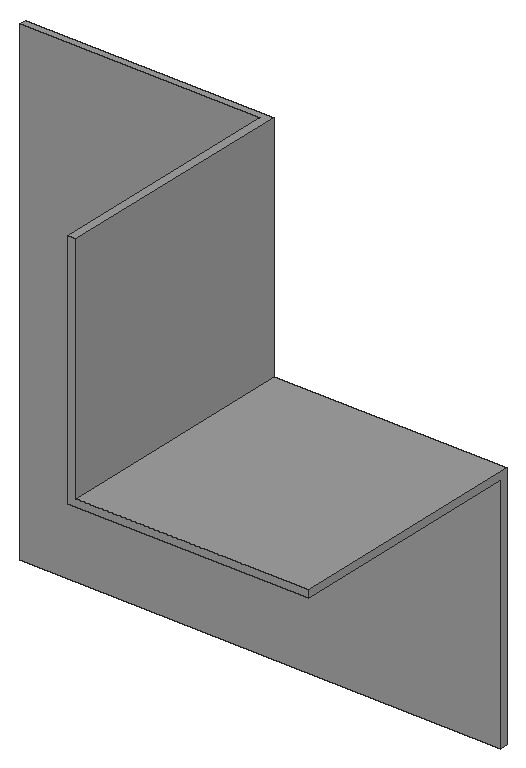
Revit family "Flashing_Preformed_Hyload_Type-W1", category Generic Models, Revit 2016
Family settings
  Part Type = Normal
  Can host rebar = No
  Round Connector Dimension = Use Diameter
  OmniClass Number = 23.20.30.24.11
  OmniClass Title = Embedded Flashing
  Work Plane-Based = No
  Always vertical = Yes
  Cut with Voids When Loaded = No
  Shared = No
  Room Calculation Point = No
Parameters (values of type "As Specified")
  Unit Width = 0' - 7 1/8"
  Unit Height = 0' - 2"
  Unit Depth = 0' - 6"
  URL = "http://www.hyload.com/"
  Thickness = 0' - 0 1/16"
  Specification = "http://www.arcat.com/sdspecs/htm04/07_65_00hyl.htm"
  Sales Information = "http://www.hyload.com/contact-us"
  Revision = "R1_12-2015"
  Product Properties = "http://www.hyload.com/masonry-flashing/preformed-shapes/"
  Product Data = "http://www.arcat.com/arcatcos/cos33/arc33176.html"
  Model = "Type W1"
  Manufacturer Website = "http://www.hyload.com/"
  Manufacturer Phone - Toll Free = "800-457-4056"
  Manufacturer Phone = "330-769-3546"
  Manufacturer Fax = "330-769-4153"
  Manufacturer Address = "5020 Panther Pkwy., Seville, OH 44273"
  Manufacturer = "Hyload"
  Keynote = "07 65 00"
  Flashing Material = Hyload Flashing Membrane - Grey
  Drawn By = "Robert S. Weygant / Sumex Design"
  Description = "Preformed Hyload Masonry Flashing - Type W1"
  Copyright = "(c) ARCAT, Inc, 2015"
  Construction Details = "http://www.arcat.com/details/hyload/hyload.html?coid=33176"
  Assembly Code = "B3010400"
Reference planes (in)
  plane 1 "Center (Front/Back)": y = 0
  plane 2: z = 0
  plane 3 "Center (Left/Right)": x = 0
  plane 4: x = 2
  plane 5: z = 2
  plane 6: y = -2
  plane 7: z = 4
Forms (in)
  Sweep 1, solid, material "Hyload Flashing Membrane - Grey" <- "Flashing Material"
    path origin (0, 0, 0) x (1, 0, 0) y (0, 0, 1)
      loop
        line (2, 2) -> (0, 2) -> (0, 4)
    profile origin (1, 0, 2) x (0, 0, -1) y (0, -1, 0)
      loop
        line (0, 0) -> (0, 2) -> (-0.0625, 2) -> (-0.0625, -0.0625) -> (2, -0.0625) -> (2, 0) -> (0, 0)
Dimensions and locks (in)
  "Unit Height": plane 5 to level
  plane 1 "Center (Front/Back)" to plane 6 = 0' - 2"
  plane 7 to level = 0' - 4"
  plane 4 to plane 3 "Center (Left/Right)" = 0' - 2"
  "Thickness": Sweep 1 sketch curve to plane 5
  "Thickness": Sweep 1 sketch curve to plane 1 "Center (Front/Back)"
  aligned and locked: plane 2 to level
  aligned and locked: plane 3 "Center (Left/Right)" to Sweep 1 sketch curve
  aligned and locked: plane 5 to Sweep 1 sketch curve  (x2)
  aligned and locked: Sweep 1 sketch curve to plane 6
  aligned and locked: Sweep 1 sketch curve to level
  aligned and locked: plane 7 to Sweep 1 sketch curve
Automatic sketch dimensions
  Sweep 1 sketch curve to plane 1 "Center (Front/Back)" = 0' - 0"
  Sweep 1 sketch curve to plane 4 = 0' - 0"
